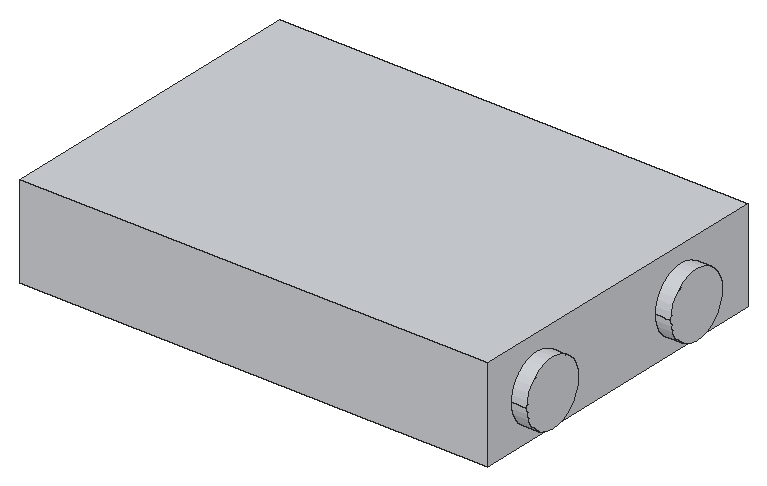
Revit family "DV 1500", category Generic Models, Revit 2013
Parameters
  Width mm = 2300 mm
  Warranty = ""
  Voltage Supply      Single Phase = "230v ac"
  Versatile positioning ,floor and ceiling susupended options = "Yes"
  Summer/Winter by-pass = "Yes"
  Summer By-pass = "Automatic 100%"
  Safety cut off switch Pressure sensors for filter monitoring = "Yes"
  Pre Heater = "option"
  Part number = "9041573"
  Model = "MULTI DV1500"
  Meets Building regulations Pat L2A and L2B = "Yes"
  Max Air Volume  m3/hr = "2200"
  Lockable doors = "Yes"
  Interchangeable spigot connections = "Yes"
  Humidity control (optional) = "Yes"
  Height mm = 1600 mm
  Heat Recovery = "<95%"
  Heat Exchanger = "Cross Counterflow"
  Frequency = "50Hz"
  Filter maintenance reminder = "Yes"
  Electronic control panel with LCD display = "Yes"
  EC motor for fine speed control and low SFP = "Yes"
  Duct Connections = "4x315mm dia"
  Double skinned insulated casing avoids thermal bridging = "Yes"
  Depth mm = 455 mm
  Control Standard = "BMS/Internet"
  Control Optional.. = "Humidity"
  Control Optional. = "Co2"
  Control Optional = "Temperature"
  Carbon dioxide control (optional) = "Yes"
  Balanced supply and extract air ventilation with heat recovery = "Yes"
  BREEAM applicable = "Yes"
  Anti frost protection = "option"
  Air Filters = "M5 and F10"
  After Heater = "option"
  10 speed digital control and BMS and Internet control = "Yes"
Reference planes
  plane 1 "Center (Front/Back)": y = 0
  plane 2: z = 0
  plane 3 "Center (Left/Right)": x = 0
  plane 4: z = -35.438
  plane 5: z = 2
  plane 6: z = 37
  plane 7: z = 42
  plane 8: y = 1150
  plane 9: y = -800
  plane 10: x = -1150
  plane 11: x = 798
  plane 12: z = 419.562
  plane 13: z = 192.062
  plane 14: z = -7.938
  plane 15: z = 392.062
  plane 16: y = -434.996
  plane 17: x = -797.57
  plane 18: x = 405
  plane 19: y = 800
  plane 20: x = 1150
  plane 21: x = 1150
  plane 22: y = 570.066
  plane 23: y = 385.066
  plane 24: y = -499.996
  plane 25: x = -565
  plane 26: x = -160
  plane 27: y = 900
  plane 28: y = 727.413
  plane 29: y = 412.5
  plane 30: y = -342.5
  plane 31: y = -657.5
  plane 32: y = 542.761
  plane 33: y = 227.501
Forms (mm)
  Extrusion 1, solid
    sketch origin (0, 0, 0) x (1, 0, 0) y (0, 1, 0)
      loop
        line (-1150, 800) -> (-1150, -800) -> (1150, -800) -> (1150, 800) -> (-1150, 800)
    from 419.562 to -35.438
  Extrusion 2, solid
    sketch origin (1150, 351.36, 4.197) x (0, -1, 0) y (0, 0, -1)
      loop
        circle (851.366, -180.362) r 157.5
    from 0 to 80
  Extrusion 3, solid
    sketch origin (1150, 1221.689, 6.424) x (0, -1, 0) y (0, 0, -1)
      loop
        circle (836.688, -178.137) r 157.5
    from 0 to 80
  Extrusion 4, solid
    sketch origin (-1150, 692.003, -11.585) x (0, 1, 0) y (0, 0, -1)
      loop
        circle (-1192.003, -196.148) r 157.5
    from 0 to 80
  Extrusion 5, solid
    sketch origin (831.736, 800, -42.5) x (-1, 0, 0) y (0, 0, 1)
      loop
        line (1396.736, 284.499) -> (991.736, 284.499) -> (991.736, 5.821) -> (1396.736, 5.821) -> (1396.736, 284.499)
    from 0 to 100
  Extrusion 6, solid
    sketch origin (-1150, 512.264, -36.336) x (0, 1, 0) y (0, 0, -1)
      loop
        circle (57.736, -220.899) r 157.5
    from 0 to 80
  Extrusion 7, solid
    sketch origin (836.736, 900, -42.5) x (-1, 0, 0) y (0, 0, 1)
      loop
        line (1171.807, 200.114) -> (1171.807, 50.114) -> (1221.807, 50.114) -> (1221.807, 200.114) -> (1171.807, 200.114)
    from 0 to 50
Dimensions and locks
  plane 4 to plane 12 = 455 mm  (x2)
  plane 9 to plane 1 "Center (Front/Back)" = 800 mm  (x2)
  Extrusion 1 to Extrusion 1 = 1600 mm
  plane 3 "Center (Left/Right)" to plane 21 = 1150 mm
  plane 1 "Center (Front/Back)" to plane 19 = 800 mm
  plane 10 to plane 3 "Center (Left/Right)" = 1150 mm
  plane 12 to plane 13 = 227.5 mm
  plane 13 to plane 4 = 227.5 mm
  plane 21 to plane 10 = 2300 mm
  plane 10 to plane 21 = 2300 mm
  plane 11 to plane 21 = 352 mm  (x2)
  plane 9 to plane 16 = 365.004 mm
  plane 13 to plane 12 = 227.5 mm
  plane 4 to plane 13 = 227.5 mm
  plane 17 to plane 10 = 352.43 mm
  plane 21 to plane 11 = 352 mm
  plane 15 to plane 14 = 400 mm
  plane 10 to plane 17 = 352.43 mm
  plane 3 "Center (Left/Right)" to plane 18 = 405 mm
  plane 10 to plane 25 = 585 mm
  plane 25 to Extrusion 5 = 405 mm
  Extrusion 5 to Extrusion 1 = 100 mm
  Extrusion 1 to plane 23 = 414.934 mm
  Extrusion 1 to plane 22 = 229.934 mm
  plane 9 to plane 24 = 300.004 mm
  Extrusion 1 to plane 24 = 300.004 mm
  plane 28 to plane 29 = 314.913 mm
  plane 30 to plane 31 = 315 mm
  plane 33 to plane 32 = 315.26 mm
  aligned and locked: level to plane 2
Connectors
  hvac at (1230, -500.007, 184.559)
    settings: on Extrusion 2, index 1, duct flow 0.0 L/s, flow factor 0, pres drop 0.0 Pa, loss coef 0, conn angle 0.00°, conn width 304.8 mm, conn height 304.8 mm, conn radius 157.5 mm, duct sys type 2, conn prof type 0, flow config 0, flow direction 1, loss method 0, conn ref index -1, conn util no, is conn primary yes, conn desc ""
  hvac at (1230, 385.001, 184.561)
    settings: on Extrusion 3, index 2, duct flow 0.0 L/s, flow factor 0, pres drop 0.0 Pa, loss coef 0, conn angle 0.00°, conn width 304.8 mm, conn height 304.8 mm, conn radius 157.5 mm, duct sys type 1, conn prof type 0, flow config 0, flow direction 2, loss method 0, conn ref index -1, conn util no, is conn primary no, conn desc ""
  hvac at (-1230, 570, 184.563)
    settings: on Extrusion 6, index 3, duct flow 0.0 L/s, flow factor 0, pres drop 0.0 Pa, loss coef 0, conn angle 0.00°, conn width 304.8 mm, conn height 304.8 mm, conn radius 157.5 mm, duct sys type 2, conn prof type 0, flow config 0, flow direction 2, loss method 0, conn ref index -1, conn util no, is conn primary no, conn desc ""
  hvac at (-1230, -500, 184.562)
    settings: on Extrusion 4, index 4, duct flow 0.0 L/s, flow factor 0, pres drop 0.0 Pa, loss coef 0, conn angle 0.00°, conn width 304.8 mm, conn height 304.8 mm, conn radius 157.5 mm, duct sys type 1, conn prof type 0, flow config 0, flow direction 1, loss method 0, conn ref index -1, conn util no, is conn primary no, conn desc ""
